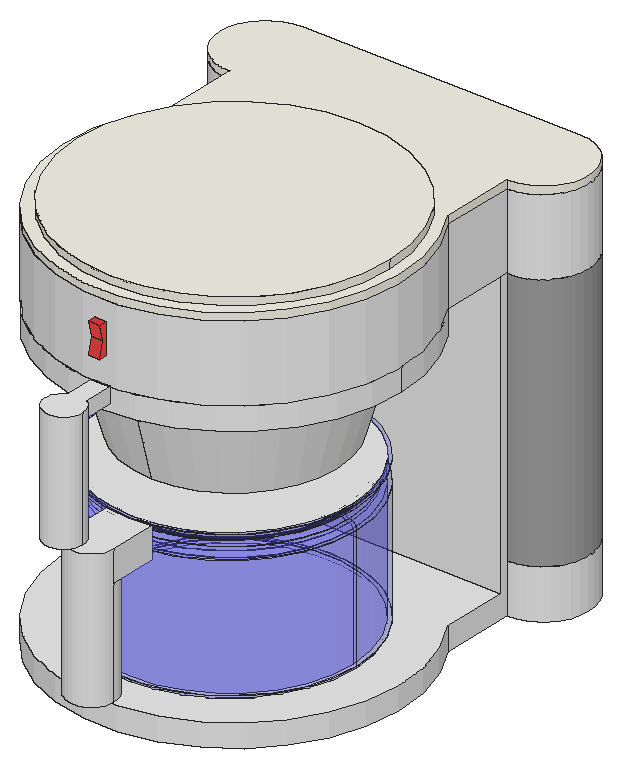
Revit family
Parameters
  Watts = 900 W
  Volts = 120 V
  URL = "www.coffemakers.com"
  Plastic - White = Plastic - White
  Plastic - Gray = Plastic - Gray
  Plastic - Ivory = Plastic - Dark White
  On/Off Switch = Switch
  Model = "NHBX-W"
  Manufacturer = "Bunn"
  Description = "Coffee Maker"
  Cups Per Brew = 10
  Cost = 109.99
  Coffee Pot = Glass - Coffee Pot
Reference planes (in)
  plane 1 "Center (Front/Back)": y = 0
  plane 2: z = 0
  plane 3 "Center (Left/Right)": x = 0
  plane 4 "Face": y = -11
Forms (in)
  Extrusion 1, solid, material "Plastic - White" <- "Plastic - White"
    sketch origin (0, 0, 0) x (1, 0, 0) y (0, 1, 0)
      loop
        arc (-4.55, 3) -> (-6.05, 1.5) -> (-4.55, 0) r 1.5
        line (-4.55, 0) -> (4.55, 0)
        arc (4.55, 0) -> (6.05, 1.5) -> (4.55, 3) r 1.5
        line (4.55, 3) -> (-4.55, 3)
    from 0 to 1.625
  Extrusion 2, solid, material "Plastic - Gray" <- "Plastic - Gray"
    sketch origin (0, 0, 1.625) x (1, 0, 0) y (0, 1, 0)
      loop
        line (4.55, 3) -> (4.55, 0)
        arc (4.55, 0) -> (6.05, 1.5) -> (4.55, 3) r 1.5
      loop
        arc (-4.55, 3) -> (-6.05, 1.5) -> (-4.55, 0) r 1.5
        line (-4.55, 0) -> (-4.55, 3)
    from 0 to 8.44922
  Extrusion 3, solid, material "Plastic - White" <- "Plastic - White"
    sketch origin (0, 0, 10.07422) x (1, 0, 0) y (0, 1, 0)
      loop
        line (4.55, 3) -> (-4.55, 3)
        arc (-4.55, 3) -> (-6.05, 1.5) -> (-4.55, 0) r 1.5
        line (-4.55, 0) -> (-4.55, -2.4101)
        arc (-4.55, -2.4101) -> (0, -11) -> (4.55, -2.4101) r 5.5
        line (4.55, -2.4101) -> (4.55, 0)
        arc (4.55, 0) -> (6.05, 1.5) -> (4.55, 3) r 1.5
    from 0 to 2.5
  Extrusion 4, solid, material "Plastic - White" <- "Plastic - White"
    sketch origin (0, 0, 1.625) x (1, 0, 0) y (0, 1, 0)
      loop
        line (-4.55, 0) -> (4.55, 0) -> (4.55, 3) -> (-4.55, 3) -> (-4.55, 0)
    from 0 to 8.44922
  Extrusion 5, solid, material "Plastic - White" <- "Plastic - White"
    sketch origin (0, 1.375, 0) x (1, 0, 0) y (0, 1, 0)
      loop
        line (4.55, -1.375) -> (-4.55, -1.375) -> (-4.55, -1.625) -> (4.55, -1.625) -> (4.55, -1.375)
    from 0 to 10.07422
  Extrusion 6, solid, material "Plastic - Dark White" <- "Plastic - Ivory"
    sketch origin (0, 0, 12.57422) x (1, 0, 0) y (0, 1, 0)
      loop
        arc (-4.55, -2.4101) -> (0, -11) -> (4.55, -2.4101) r 5.5
        line (4.55, -2.4101) -> (4.55, 0)
        arc (4.55, 0) -> (6.05, 1.5) -> (4.55, 3) r 1.5
        line (4.55, 3) -> (-4.55, 3)
        arc (-4.55, 3) -> (-6.05, 1.5) -> (-4.55, 0) r 1.5
        line (-4.55, 0) -> (-4.55, -2.4101)
    from 0 to 0.25
  Extrusion 7, solid, material "Plastic - Dark White" <- "Plastic - Ivory"
    sketch origin (0, 0, 12.82422) x (1, 0, 0) y (0, 1, 0)
      loop
        circle (0, -5.5) r 5.125
    from 0 to 0.25
  Extrusion 8, solid, material "Plastic - White" <- "Plastic - White"
    sketch origin (0, 0, 10.07422) x (0, 1, 0) y (1, 0, 0)
      loop
        circle (-5.5, 0) r 5.5
    from 0 to 0.75
  Extrusion 9, solid, material "Plastic - White" <- "Plastic - White"
    sketch origin (0, 0, 0) x (1, 0, 0) y (0, 1, 0)
      loop
        line (4.55, 0) -> (-4.55, 0) -> (-4.55, -2.4101)
        arc (-4.55, -2.4101) -> (0, -11) -> (4.55, -2.4101) r 5.5
        line (4.55, -2.4101) -> (4.55, 0)
    from 0 to 0.75
  Blend 10, solid, material "Plastic - White" <- "Plastic - White"
    base sketch origin (0, 0, 9.32422) x (-1, 0, 0) y (0, -1, 0)
      loop
        circle (0, 5.5) r 4.25
    top sketch origin (0, 0, 9.32422) x (-1, 0, 0) y (0, -1, 0)
      loop
        circle (0, 5.5) r 3.375
    from 0 to -3
  Extrusion 11, solid, material "Plastic - White" <- "Plastic - White"
    sketch origin (0, -11, -0.125) x (-1, 0, 0) y (0, 0, 1)
      loop
        line (0.3125, 10.19922) -> (-0.3125, 10.19922) -> (-0.3125, 9.69922) -> (0.3125, 9.69922) -> (0.3125, 10.19922)
    from 0 to -1
  Extrusion 12, solid, material "Plastic - White" <- "Plastic - White"
    sketch origin (0, -11, 10.07422) x (-1, 0, 0) y (0, -1, 0)
      loop
        circle (0, 1.5) r 0.625
    from 0 to -3.875
  Extrusion 13, solid, material "Glass - Coffee Pot" <- "Coffee Pot"
    sketch origin (0, 0, 0.75) x (1, 0, 0) y (0, 1, 0)
      loop
        circle (0, -5.6875) r 4.0625
    from 0 to 0.125
  Sweep 14, solid, material "Glass - Coffee Pot" <- "Coffee Pot"
    path origin (0, 0, 0.75) x (1, 0, 0) y (0, 1, 0)
      loop
        circle (0, -5.6875) r 4.0625
    profile origin (0, -1.625, 0.75) x (0, -1, 0) y (0, 0, 1)
      loop
        arc (-0.125, 0.125) -> (-0.08839, 0.03661) -> (0, 0) r 0.125
        line (0, 0) -> (0, 0.125) -> (-0.125, 0.125)
  Extrusion 15, solid, material "Glass - Coffee Pot" <- "Coffee Pot"
    sketch origin (0, -5.6875, 0.875) x (1, 0, 0) y (0, 1, 0)
      loop
        circle (0, 0) r 4.1875
      loop
        circle (0, 0) r 4.0625
    from 0 to 4
  Sweep 16, solid, material "Glass - Coffee Pot" <- "Coffee Pot"
    path origin (0, -5.6875, 4.875) x (1, 0, 0) y (0, 1, 0)
      loop
        circle (0, 0) r 4.0625
    profile origin (0, -1.625, 4.875) x (0, -1, 0) y (0, 0, 1)
      loop
        arc (0, 0) -> (0.03661, 0.08839) -> (0.125, 0.125) r 0.125
        arc (0.125, 0.125) -> (0.30178, 0.19822) -> (0.375, 0.375) r 0.25
        arc (0.375, 0.375) -> (0.30178, 0.55178) -> (0.125, 0.625) r 0.25
        arc (0.125, 0.625) -> (0.03661, 0.66161) -> (0, 0.75) r 0.125
        line (0, 0.75) -> (-0.125, 0.75)
        arc (-0.125, 0.75) -> (-0.05178, 0.57322) -> (0.125, 0.5) r 0.25
        arc (0.125, 0.5) -> (0.21339, 0.46339) -> (0.25, 0.375) r 0.125
        arc (0.25, 0.375) -> (0.21339, 0.28661) -> (0.125, 0.25) r 0.125
        arc (0.125, 0.25) -> (-0.05178, 0.17678) -> (-0.125, 0) r 0.25
        line (-0.125, 0) -> (0, 0)
  Extrusion 17, solid, material "Plastic - White" <- "Plastic - White"
    sketch origin (0, -5.6875, 5.625) x (1, 0, 0) y (0, 1, 0)
      loop
        circle (0, 0) r 4.0625
      loop
        circle (0, 0) r 0.25
    from 0 to -0.0625
  Extrusion 18, solid, material "Plastic - White" <- "Plastic - White"
    sketch origin (0, -5.6875, 5.625) x (1, 0, 0) y (0, 1, 0)
      loop
        line (-0.75, -5.6875) -> (0.75, -5.6875) -> (0.75, -4.11979)
        arc (0.75, -4.11979) -> (0, -4.1875) -> (-0.75, -4.11979) r 4.1875
        line (-0.75, -4.11979) -> (-0.75, -5.6875)
    from 0 to -1
  Extrusion 19, solid, material "Plastic - White" <- "Plastic - White"
    sketch origin (0, -5.6875, 5.625) x (1, 0, 0) y (0, 1, 0)
      loop
        circle (0, -5.6875) r 0.75
    from 0 to -4.5
  Extrusion 20, solid, material "Switch" <- "On/Off Switch"
    sketch origin (0, 0, 0) x (0, 1, 0) y (0, 0, 1)
      loop
        line (-11, 11.94922) -> (-11.25, 11.94922) -> (-11.125, 11.44922) -> (-11.25, 10.94922) -> (-11, 10.94922) -> (-11, 11.94922)
    from 0.1875 to -0.1875
Cuts and joins
  joined: Extrusion 1, Extrusion 3, Extrusion 4
  joined: Extrusion 5, Extrusion 9
  joined: Extrusion 11, Extrusion 12
  joined: Extrusion 13, Sweep 14, Extrusion 15, Sweep 16
  joined: Extrusion 8, Blend 10
  joined: Extrusion 18, Extrusion 19
Dimensions and locks (in)
  aligned and locked: plane 2 to level
